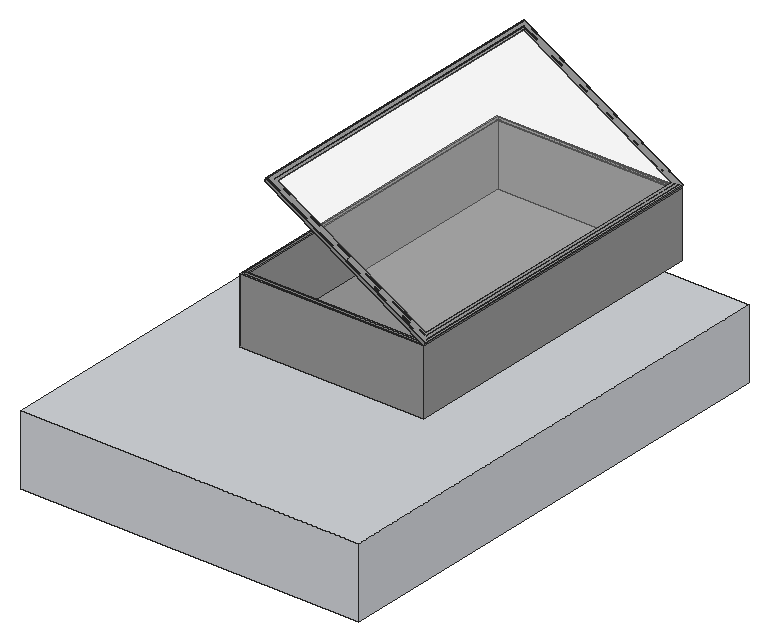
Revit family "Hager-Orion_Inox-IP66-D300-Cl.I-Inox_encl-630A-1400mm-CH-en", category Equipement électrique, Revit 2020
Family settings
  Hôte = Face
  Configuration du panneau = Deux colonnes, circuits au sein
  Cote de connecteur circulaire = Utiliser le diamètre
  Type d'élément = Tableau de raccordement
  Couper avec des vides une fois chargée = Non
  Partagée = Non
  Point de calcul de pièce = Non
Parameters (values of type "Surface mounted (plaster) IP66 W800 H1400 D300  - FL049TWL")
  Width Control [instance] = if([EF000008 - Width] > Min Width, [EF000008 - Width], Min Width)  # 800 mm
  Commentaires du type = [HG000003 - Range]  # "Orion Inox"
  Thickness Door [instance] = if([EF009171 - Material plate thickness door/cover] > 3 mm, 3 mm, [EF009171 - Material plate thickness door/cover])  # 1.5 mm
  Seal Frame Offset [instance] = 17 mm  # constant formula
  Model = ""
  Min Width [instance] = 100 mm  # constant formula
  Min Height [instance] = 100 mm  # constant formula
  Min Depth [instance] = (2 * [EF009170 - Material plate thickness cabinet]) + 1 mm  # 4 mm
  Internal Frame Depth [instance] = (Door System Depth * 0.5)  # 9 mm
  Height Control [instance] = if([EF000040 - Height] > Min Height, [EF000040 - Height], Min Height)  # 1400 mm
  HG000027 - Plinth height = 0 mm
  HG000026 - Floor standing = no
  HG000024 - Bottom section height = 800 mm
  HG000023 - Double section enclosure = no
  HG000016 - Door 3d visibility [instance] = yes
  HG000015 - Clearance visibility [instance] = no
  HG000014 - Door on the right [instance] = yes
  HG000013 - Door on the left [instance] = not([HG000014 - Door on the right])  # no
  HG000012 - Door swing angle [instance] = 30.00°
  HG000010 - Asymmetric doors = no
  HG000009 - Double swing door = no
  HG000006 - Flush mounted = no
  HG000004 - Manufacturer reference = "FL049TWL"
  HG000003 - Range = "Orion Inox"
  HG000002 - With door or cover = yes
  Frame Offset Bottom [instance] = 10 mm  # constant formula
  Frame Offset [instance] = 15 mm  # constant formula
  EF015940 - Cover with overpressure release = no
  EF011959 - Degree of protection (NEMA) = ""
  EF009554 - Number of openings for flange plates = 0
  EF009212 - Cover model = "EV000116 - Closed"
  EF009171 - Material plate thickness door/cover = 1.5 mm
  EF009170 - Material plate thickness cabinet = 1.5 mm
  Fabricant = "Hager"  # constant formula
  EF008873 - Nominal current (In) = 630 A
  EF007800 - Suitable for lightning protection = no
  EF006306 - With lock = yes
  EF006244 - Transparent cover/door = yes
  EF005474 - Degree of protection (IP) = "EV006422 - IP66"
  EF004464 - Type of door = "EV002646 - Single"
  EF004427 - Number of modules = 0
  EF004293 - Impact strength = "EV006814 - IK08"
  EF003532 - Suitable for outdoor use = yes
  EF002950 - Width in number of modular spacings = 0
  EF001613 - Circuit integrity = "EV000494 - None"
  EF001596 - Material housing = "EV000166 - Stainless steel"
  EF001131 - Internal depth = 266 mm
  EF001088 - Extension possible = yes
  EF000437 - Number of conduit inlets = 0
  EF000339 - Type of cover = "EV004216 - Door"
  EF000266 - Number of rows = 0
  EF000218 - Built-in depth = 0 mm
  EF000118 - With mounting plate = no
  EF000116 - RAL-number = ""
  EF000049 - Depth = 300 mm
  EF000040 - Height = 1400 mm
  EF000008 - Width = 800 mm
  EF000007 - Colour = "EV000154 - Other"
  EF000003 - Mounting method = "EV000384 - Surface mounted (plaster)"
  Door System Leaf Tolerance [instance] = 1.5 mm  # constant formula
  Door System Depth [instance] = 18 mm  # constant formula
  Depth Control [instance] = if([EF000049 - Depth] > Min Depth, [EF000049 - Depth], Min Depth)  # 300 mm
  Default Elevation = 0 mm
Types (4, lengths in mm): name | HG000004 - Manufacturer reference | EF006244 - Transparent cover/door | EF004293 - Impact strength
  Surface mounted (plaster) IP66 W800 H1400 D300  - FL049BW | "FL049BW" | no | "EV008784 - IK10"
  Surface mounted (plaster) IP66 W800 H1400 D300  - FL049BWL | "FL049BWL" | no | "EV008784 - IK10"
  Surface mounted (plaster) IP66 W800 H1400 D300  - FL049TW | "FL049TW" | yes | "EV006814 - IK08"
  Surface mounted (plaster) IP66 W800 H1400 D300  - FL049TWL | "FL049TWL" | yes | "EV006814 - IK08"
Reference planes
  plane 1 "Center (Front/Back)": y = 0
  plane 2: z = 0
  plane 3 "Center (Left/Right)": x = 0
  plane 4: z = 300
  plane 5: y = 1.5
  plane 6: y = 700
  plane 7: y = 0
  plane 8: y = 1400
  plane 9: z = 0
  plane 10: x = -385
  plane 11: x = 385
  plane 12: x = 383.5
  plane 13: x = -383.5
  plane 14: y = 1398.5
  plane 15: x = -383
  plane 16: x = -400
  plane 17: x = 383
  plane 18: x = 400
  plane 19: x = 398.5
  plane 20: x = -398.5
  plane 21: y = 11.5
  plane 22: y = 1400
  plane 23: y = 1383.5
  plane 24: z = 282
  plane 25: z = 1.5
  plane 26: z = 280.5
  plane 27: z = 298.5
Forms (mm)
  Extrusion 1, solid
    sketch origin (0, 0, 0) x (1, 0, 0) y (0, 1, 0)
      loop
        line (-702.964, 1305) -> (-702.964, -811.445) -> (766.763, -811.445) -> (766.763, 1305) -> (-702.964, 1305)
    from 0 to -304.8
  Extrusion 2, solid, material "Hager_Stainless_Steel", detail levels medium+fine
    sketch origin (0, 0, 0) x (1, 0, 0) y (0, 1, 0)
      loop
        line (-400, 0) -> (400, 0) -> (400, 1400) -> (-400, 1400) -> (-400, 0)
    from 0 to 282
  Extrusion 3, solid, material "Hager_Steel_RAL 7035_Light_Grey", not visible, detail levels medium+fine
    sketch origin (0, 28.16, 50.802) x (0, 1, 0) y (0, 0, 1)
      loop
        line (723.34, -50.802) -> (723.34, 237.698)
        arc (723.34, 237.698) -> (720.411, 244.769) -> (713.34, 247.698) r 10
        line (713.34, 247.698) -> (683.34, 247.698) -> (683.34, -50.802) -> (723.34, -50.802)
    from -398.5 to 398.5
  Extrusion 4, void
    sketch origin (0, 0, 0) x (1, 0, 0) y (0, 1, 0)
      loop
        line (-398.5, 1.5) -> (398.5, 1.5) -> (398.5, 1398.5) -> (-398.5, 1398.5) -> (-398.5, 1.5)
    from 1.5 to 280.5
  Extrusion 5, void
    sketch origin (-381.607, -4572, 282) x (0, -1, 0) y (-1, 0, 0)
      loop
        line (-4583.5, 1.893) -> (-5955.5, 1.893) -> (-5955.5, -765.107) -> (-4583.5, -765.107) -> (-4583.5, 1.893)
    from 0 to 1.5 <- "EF009170 - Material plate thickness cabinet"
  Extrusion 6, solid, material "Hager_Stainless_Steel", detail levels fine
    sketch origin (-381.607, -4572, 282) x (-1, 0, 0) y (0, -1, 0)
      loop
        line (1.893, -4583.5) -> (-765.107, -4583.5) -> (-765.107, -5955.5) -> (1.893, -5955.5) -> (1.893, -4583.5)
      loop
        line (2.893, -4582) -> (-766.107, -4582) -> (-766.107, -5957) -> (2.893, -5957) -> (2.893, -4582)
    from 0 to 9 <- "Internal Frame Depth"
  Extrusion 7, solid, material "Hager_Stainless_Steel", detail levels coarse
    sketch origin (0, 0, 0) x (1, 0, 0) y (0, 1, 0)
      loop
        line (-400, 0) -> (400, 0) -> (400, 1400) -> (-400, 1400) -> (-400, 0)
    from 0 to 300
Cuts and joins
  Extrusion 4, Extrusion 5 cuts Extrusion 2
Lines and regions (mm)
  Masking region 1
    outline origin (0, 0, 0) x (1, 0, 0) y (0, 0, 1)
      loop
        line (-400, 300) -> (-400, 0) -> (400, 0) -> (400, 300) -> (-400, 300)
  Masking region 2, detail levels medium+fine
    outline origin (0, 140, 0) x (0, 1, 0) y (0, 0, 1)
      loop
        line (-140, 0) -> (1260, 0) -> (1260, 282) -> (-140, 282) -> (-140, 0)
  Masking region 3, not visible, detail levels medium+fine
    outline origin (0, 297.922, 0) x (0, 1, 0) y (0, 0, 1)
      loop
        line (413.578, 0) -> (453.578, 0) -> (453.578, 288.5)
        arc (453.578, 288.5) -> (450.649, 295.571) -> (443.578, 298.5) r 10
        line (443.578, 298.5) -> (413.578, 298.5) -> (413.578, 0)
  Masking region 4, detail levels coarse
    outline origin (0, 0, 180) x (0, 1, 0) y (0, 0, 1)
      loop
        line (0, -180) -> (1400, -180) -> (1400, 120) -> (0, 120) -> (0, -180)
  Masking region 5
    outline origin (-381.607, -4572, 282) x (-1, 0, 0) y (0, -1, 0)
      loop
        line (18.393, -5972) -> (18.393, -4572) -> (-781.607, -4572) -> (-781.607, -5972) -> (18.393, -5972)
Dimensions and locks
  "Depth Control": plane 4 to Extrusion 1
  "EF009170 - Material plate thickness cabinet": plane 5 to plane 7
  locked: connector elem to plane 3 "Center (Left/Right)"
  equal spacing: plane 8, plane 6, plane 7
  locked: connector elem to plane 6
  "EF009170 - Material plate thickness cabinet": plane 8 to plane 14
  "EF009170 - Material plate thickness cabinet": plane 10 to plane 13
  "EF009170 - Material plate thickness cabinet": plane 12 to plane 11
  "Frame Offset": plane 20 to plane 13
  "Frame Offset": plane 12 to plane 19
  "EF009170 - Material plate thickness cabinet": plane 16 to plane 20
  "EF009170 - Material plate thickness cabinet": plane 19 to plane 18
  "Seal Frame Offset": plane 16 to plane 15
  "Seal Frame Offset": plane 17 to plane 18
  "Frame Offset Bottom": plane 21 to plane 5
  "Frame Offset": plane 14 to plane 23
  equal spacing: plane 16, plane 3 "Center (Left/Right)", plane 18
  "Width Control": plane 16 to plane 18
  "EF009170 - Material plate thickness cabinet": plane 4 to plane 27
  "EF009170 - Material plate thickness cabinet": plane 24 to plane 26
  "EF009170 - Material plate thickness cabinet": plane 25 to level
  "Door System Depth": plane 4 to plane 24
  "Height Control": plane 1 "Center (Front/Back)" to Extrusion 7 sketch curve
  "Height Control": Masking region 4 sketch curve to plane 1 "Center (Front/Back)"
  "Thickness Door": Extrusion 6 sketch curve to plane 15
  "Thickness Door": plane 21 to Extrusion 6 sketch curve
  "Thickness Door": plane 17 to Extrusion 6 sketch curve
  "Thickness Door": Extrusion 6 sketch curve to plane 23
  "Height Control": plane 1 "Center (Front/Back)" to plane 22
  radius of Masking region 3 sketch curve = 10 mm
  radius of Extrusion 3 sketch curve = 10 mm
  aligned and locked: plane 2 to Extrusion 1
  aligned and locked: level to Extrusion 1
  aligned and locked: level to Masking region 1 sketch curve
  aligned and locked: Masking region 1 sketch curve to plane 18
  aligned and locked: Masking region 1 sketch curve to plane 16
  aligned and locked: plane 7 to Masking region 2 sketch curve
  aligned and locked: level to Masking region 3 sketch curve
  aligned and locked: Masking region 3 sketch curve to plane 27
  aligned and locked: level to Masking region 2 sketch curve
  aligned and locked: Extrusion 2 sketch curve to plane 7
  aligned and locked: plane 16 to Extrusion 2 sketch curve
  aligned and locked: plane 18 to Extrusion 2 sketch curve
  aligned and locked: Extrusion 3 sketch curve to level
  aligned and locked: plane 27 to Extrusion 3 sketch curve
  aligned and locked: plane 20 to Extrusion 3
  aligned and locked: plane 19 to Extrusion 3
  aligned and locked: plane 20 to Extrusion 4 sketch curve
  aligned and locked: plane 19 to Extrusion 4 sketch curve
  aligned and locked: Extrusion 4 sketch curve to plane 5
  aligned and locked: Extrusion 4 to plane 25
  aligned and locked: plane 26 to Extrusion 4
  aligned and locked: plane 24 to Extrusion 2
  aligned and locked: Extrusion 5 sketch curve to plane 21
  aligned and locked: Extrusion 5 sketch curve to plane 13
  aligned and locked: Extrusion 5 sketch curve to plane 12
  aligned and locked: plane 18 to Extrusion 7 sketch curve
  aligned and locked: plane 1 "Center (Front/Back)" to Extrusion 7 sketch curve
  aligned and locked: plane 16 to Extrusion 7 sketch curve
  aligned and locked: plane 4 to Extrusion 7
  aligned and locked: Extrusion 7 to level
  aligned and locked: level to Masking region 4 sketch curve
  aligned and locked: Masking region 4 sketch curve to plane 1 "Center (Front/Back)"
  aligned and locked: Masking region 4 sketch curve to plane 4
  aligned and locked: nested 1 to level
  aligned and locked: nested 1 to plane 16
  aligned and locked: plane 8 to Extrusion 2 sketch curve
  aligned and locked: plane 23 to Extrusion 5 sketch curve
  aligned and locked: plane 14 to Extrusion 4 sketch curve
  aligned and locked: Extrusion 6 sketch curve to plane 21
  aligned and locked: plane 13 to Extrusion 6 sketch curve
  aligned and locked: plane 23 to Extrusion 6 sketch curve
  aligned and locked: plane 12 to Extrusion 6 sketch curve
  aligned and locked: Masking region 2 sketch curve to plane 8
  aligned and locked: Masking region 2 sketch curve to plane 24
  aligned and locked: nested 2 to plane 3 "Center (Left/Right)"
  aligned and locked: nested 2 to plane 24
  aligned and locked: Masking region 5 sketch curve to plane 1 "Center (Front/Back)"
  aligned and locked: Masking region 5 sketch curve to plane 18
  aligned and locked: Masking region 5 sketch curve to plane 22
  aligned and locked: Masking region 5 sketch curve to plane 16
  aligned and locked: plane 8 to plane 22
  aligned and locked: plane 7 to plane 1 "Center (Front/Back)"
  aligned and locked: nested 2 to plane 1 "Center (Front/Back)"
Automatic sketch dimensions
  Extrusion 1 sketch curve to Extrusion 1 sketch curve = 1469.727 mm
  Extrusion 1 sketch curve to Extrusion 1 sketch curve = 2116.445 mm
  plane 6 to Masking region 3 sketch curve = 11.5 mm
  Masking region 3 sketch curve to Masking region 3 sketch curve = 30 mm
  plane 6 to Extrusion 3 sketch curve = 11.5 mm
  Extrusion 3 sketch curve to Extrusion 3 sketch curve = 30 mm
  Masking region 1 sketch curve to plane 4 = 0 mm
Nested families
  nested 1: "Hager_Enclosure_Symbol" at (-400, 0, 0) x (1, 0, 0) z (0, -1, 0), Height <- "Depth Control", Width <- "Width Control", type "Hager_Enclosure_Symbol"
    with Width_Ctrl 800 mm, Width 800 mm, Height_Ctrl 300 mm, Height 300 mm, A_Width_Int 19.688 mm, A_Width 236.25 mm, A_Height_Ctrl 262.5 mm, A_Height 262.5 mm
  nested 2: "EC000058_OrionInox_Door" at (0, 1400, 282) x (1, 0, 0) z (0, -1, 0), Leaf_Tolerance <- "Door System Leaf Tolerance", Angle <- "HG000012 - Door swing angle", Door_Depth <- "Door System Depth", Door_Left <- "HG000013 - Door on the left", Transparent <- "EF006244 - Transparent cover/door", Assymetrical <- "HG000010 - Asymmetric doors", Width <- "Width Control", Clearance <- "HG000015 - Clearance visibility", Double <- "HG000009 - Double swing door", 3d_Door <- "HG000016 - Door 3d visibility", Width_Ctrl <- "Width Control", Door_Right <- "HG000014 - Door on the right", Door <- "HG000002 - With door or cover", Height <- "Height Control", Thickness <- "Thickness Door", type "EC000058_OrionInox_Door", detail levels medium+fine
    with min_wh 4 mm, Width_Ctrl 800 mm, Width 800 mm, Transparent yes, Thickness 1.5 mm, Seal_Material Hager_Rubber, Leaf_Width 800 mm, Leaf_Tolerance_External_Sides 0 mm, Leaf_Tolerance 1.5 mm, Leaf_Offset 0 mm, Leaf_Height 1397 mm, Leaf_2_Width 800 mm, Leaf_2_Offset 400 mm, Leaf_1_Width 800 mm, Leaf_1_Offset 400 mm, Height_Ctrl 1400 mm, Height 1400 mm, Glass_Material Hager_Glass, Double_Clearance_Ctrl no, Double no, Door_Right_Ctrl yes, Door_Right yes, Door_Material Hager_Stainless_Steel, Door_Left_Ctrl no, Door_Left no, Door_Depth 18 mm, Door yes, Clearance_Material Hager_Clearance, Clearance_Depth 800 mm, Clearance_Ctrl no, Clearance no, Assymetrical no, Angle 30.00°, 3d_Door yes
Connectors
  electrical at (0, 700, 0)
    settings: on plane 9, index 1, voltage 0 V, apparent load 0 VA, apparent load phase1 0 VA, apparent load phase2 0 VA, apparent load phase3 0 VA, power factor 1, load classification "Other", number of poles 1, system type 30, power factor state 1, is connector primary yes, connector utility no, sub classification motor no, connector description ""
Definition of nested family "EC000058_OrionInox_Door"
  Parameters (values of type "EC000058_OrionInox_Door")
    min_wh [instance] = (2 * Thickness) + 1 mm  # 11 mm
    Width_Ctrl [instance] = 400 mm
    Width [instance] = 500 mm
    Transparent [instance] = yes
    Thickness [instance] = 5 mm
    Seal_Material [instance] = none
    Leaf_Width [instance] = if((Width_Ctrl - 2 * Leaf_Tolerance_External_Sides) > 0 mm, (Width_Ctrl - 2 * Leaf_Tolerance_External_Sides), min_wh)  # 400 mm
    Leaf_Tolerance_External_Sides [instance] = 0 mm  # constant formula
    Leaf_Tolerance [instance] = 1.5 mm
    Leaf_Offset [instance] = 0 mm  # constant formula
    Leaf_Height [instance] = if((Height_Ctrl - 2 * Leaf_Tolerance) > 0 mm, (Height_Ctrl - 2 * Leaf_Tolerance), min_wh)  # 497 mm
    Leaf_2_Width [instance] = if(and(and(Double, Assymetrical), Door_Left), (Leaf_Width / 3) - (Leaf_Tolerance / 2), if(and(and(Double, Assymetrical), Door_Right), (Leaf_Width / 3) * 2 - (Leaf_Tolerance / 2), if(and(Double, not(Assymetrical)), (Leaf_Width / 2) - Leaf_Tolerance, Leaf_Width)))  # 400 mm
    Leaf_2_Offset [instance] = if(and(Double, Assymetrical), Leaf_2_Width / 2, if(and(Double, not(Assymetrical)), Leaf_Width / 4, Leaf_Width / 2))  # 200 mm
    Leaf_1_Width [instance] = if(and(and(Double, Assymetrical), Door_Right), (Leaf_Width / 3) - (Leaf_Tolerance / 2), if(and(and(Double, Assymetrical), Door_Left), (Width / 3) * 2 - (Leaf_Tolerance / 2), if(and(Double, not(Assymetrical)), (Leaf_Width / 2) - Leaf_Tolerance, Leaf_Width)))  # 400 mm
    Leaf_1_Offset [instance] = if(and(Double, Assymetrical), Leaf_1_Width / 2, if(and(Double, not(Assymetrical)), Leaf_Width / 4, Leaf_Width / 2))  # 200 mm
    Height_Ctrl [instance] = if(Height > min_wh, Height, min_wh)  # 500 mm
    Height [instance] = 500 mm
    Glass_Material [instance] = none
    Double_Clearance_Ctrl [instance] = and(Double, Clearance)  # no
    Double [instance] = no
    Door_Right_Ctrl [instance] = and(or(Door_Right, Double), Door)  # yes
    Door_Right [instance] = yes
    Door_Material [instance] = none
    Door_Left_Ctrl [instance] = and(or(Door_Left, Double), Door)  # no
    Door_Left [instance] = no
    Door_Depth [instance] = 30 mm
    Door [instance] = yes
    Default Elevation = 1219.2 mm
    Clearance_Material [instance] = none
    Clearance_Depth [instance] = if(Leaf_1_Width > Leaf_2_Width, Leaf_1_Width, Leaf_2_Width)  # 400 mm
    Clearance_Ctrl [instance] = and(not(Double), Clearance)  # yes
    Clearance [instance] = yes
    Assymetrical [instance] = yes
    Angle [instance] = 30.00°
    3d_Door [instance] = yes
  Reference planes
    plane 1 "Center (Front/Back)": y = 0
    plane 2 "Bottom": z = 0
    plane 3 "Center (Left/Right)": x = 0
    plane 4: z = 500
    plane 5: x = -200
    plane 6: x = 200
    plane 7: z = 500
    plane 8: x = -200
    plane 9: z = 0
    plane 10: x = 200
    plane 11: y = 0
    plane 12: z = 1.5
    plane 13: x = -600
    plane 14: y = -400
    plane 15: x = 600
    plane 16: x = 0
    plane 17: x = 0
    plane 18: x = -200
    plane 19: x = 200
    plane 20: z = 498.5
  Forms (mm)
    Extrusion 1, solid, material <- "Clearance_Material", visible <- "Double_Clearance_Ctrl"
      sketch origin (1200, 0, 0) x (1, 0, 0) y (0, 0, -1)
        loop
          line (-1800, -498.5) -> (-600, -498.5) -> (-600, 0) -> (-1800, 0) -> (-1800, -498.5)
      from 0 to -400
  Dimensions and locks
    equal spacing: plane 5, plane 3 "Center (Left/Right)", plane 6
    "Width_Ctrl": plane 5 to plane 6
    "Leaf_Offset": plane 5 to plane 8
    "Leaf_Offset": plane 6 to plane 10
    "Leaf_Offset": plane 9 to level
    "Leaf_Offset": plane 4 to plane 7
    "Height_Ctrl": plane 4 to level
    "Leaf_Tolerance": plane 12 to plane 9
    locked: plane 11 to plane 1 "Center (Front/Back)"
    "Leaf_1_Offset": plane 18 to plane 16
    "Leaf_2_Offset": plane 17 to plane 19
    "Leaf_1_Width": plane 13 to plane 8
    "Leaf_2_Width": plane 10 to plane 15
    "Clearance_Depth": plane 14 to plane 1 "Center (Front/Back)"
    "Leaf_Tolerance_External_Sides": plane 8 to plane 18
    "Leaf_Tolerance_External_Sides": plane 19 to plane 10
    "Leaf_Tolerance": plane 7 to plane 20
    aligned and locked: level to plane 2 "Bottom"
    aligned and locked: nested 1 to plane 16
    aligned and locked: nested 2 to plane 17
    aligned and locked: Extrusion 1 to plane 13
    aligned and locked: plane 15 to Extrusion 1
    aligned and locked: Extrusion 1 to plane 14
    aligned and locked: plane 12 to nested 1
    aligned and locked: nested 2 to plane 12
    aligned and locked: Extrusion 1 to plane 11
    aligned and locked: plane 20 to Extrusion 1
    aligned and locked: nested 2 to plane 11
    aligned and locked: nested 1 to plane 11
  Automatic sketch dimensions
    Extrusion 1 sketch curve to level = 0 mm
    plane 5 to Extrusion 1 sketch curve = 400 mm
    plane 6 to Extrusion 1 sketch curve = 400 mm
    Extrusion 1 sketch curve to plane 4 = 1.5 mm
  Nested families
    nested 1: "EC000058_OrionInox_Door_Leaf" at (0, 0, 1.5), Width <- "Leaf_1_Width", visible <- "Door_Left_Ctrl", Leaf_Height <- "Leaf_Height", Angle <- "Angle", 3d_Door <- "3d_Door", Transparent <- "Transparent", Clearance Material <- "Clearance_Material", Clearance <- "Clearance_Ctrl", Door_Material <- "Door_Material", Glass_Material <- "Glass_Material", Door_Depth <- "Door_Depth", Seal_Material <- "Seal_Material", Thickness <- "Thickness", type "EC000058_OrionInox_Door_Leaf"
      with Width 400 mm, Transparent_Ctrl yes, Transparent yes, Thickness 5 mm, Standard no, Seal_Material none, Seal_D2 8 mm, Seal_D1 1 mm, Offset_Internal_Frame 10 mm, Lock_Width 28 mm, Lock_Thickness 2 mm, Lock_Radius 6 mm, Leaf_Height 497 mm, Internal_Seal_Thickness 8 mm, Internal_Seal_Depth_2 4.5 mm, Internal_Frame_Depth 25 mm, Glass_Thickness -1 mm, Glass_Offset -2 mm, Glass_Material none, Door_Material none, Door_Depth 30 mm, Clearance Material none, Clearance yes, Angle_Ctrl 30.00°, Angle 30.00°, 3d_Door yes
    nested 2: "EC000058_OrionInox_Door_Leaf" at (0, 0, 1.5) x (-1, 0, 0) z (0, 0, 1), Width <- "Leaf_2_Width", visible <- "Door_Right_Ctrl", Leaf_Height <- "Leaf_Height", Angle <- "Angle", 3d_Door <- "3d_Door", Transparent <- "Transparent", Clearance Material <- "Clearance_Material", Clearance <- "Clearance_Ctrl", Door_Material <- "Door_Material", Glass_Material <- "Glass_Material", Door_Depth <- "Door_Depth", Seal_Material <- "Seal_Material", Thickness <- "Thickness", type "EC000058_OrionInox_Door_Leaf"
      with Width 400 mm, Transparent_Ctrl yes, Transparent yes, Thickness 5 mm, Standard no, Seal_Material none, Seal_D2 8 mm, Seal_D1 1 mm, Offset_Internal_Frame 10 mm, Lock_Width 28 mm, Lock_Thickness 2 mm, Lock_Radius 6 mm, Leaf_Height 497 mm, Internal_Seal_Thickness 8 mm, Internal_Seal_Depth_2 4.5 mm, Internal_Frame_Depth 25 mm, Glass_Thickness -1 mm, Glass_Offset -2 mm, Glass_Material none, Door_Material none, Door_Depth 30 mm, Clearance Material none, Clearance yes, Angle_Ctrl 30.00°, Angle 30.00°, 3d_Door yes
  Definition of nested family "EC000058_OrionInox_Door_Leaf"
    Parameters (values of type "EC000058_OrionInox_Door_Leaf")
      Width [instance] = 450 mm
      Transparent_Ctrl [instance] = and(Transparent, [3d_Door])  # yes
      Transparent [instance] = yes
      Thickness [instance] = 5 mm
      Standard [instance] = and(not(Transparent), [3d_Door])  # no
      Seal_Material [instance] = none
      Seal_D2 [instance] = 8 mm  # constant formula
      Seal_D1 [instance] = 1 mm  # constant formula
      Offset_Internal_Frame [instance] = 10 mm  # constant formula
      Lock_Width [instance] = Door_Depth - Lock_Thickness  # 28 mm
      Lock_Thickness [instance] = 2 mm  # constant formula
      Lock_Radius [instance] = 6 mm  # constant formula
      Leaf_Height [instance] = 450 mm
      Internal_Seal_Thickness [instance] = 8 mm  # constant formula
      Internal_Seal_Depth_2 [instance] = 4.5 mm  # constant formula
      Internal_Frame_Depth [instance] = if(Door_Depth - Thickness > 5 mm, Door_Depth - Thickness, 5 mm)  # 25 mm
      Glass_Thickness [instance] = if(Thickness > 15 mm, Glass_Offset + 10 mm, -1 mm)  # -1 mm
      Glass_Offset [instance] = if(Thickness > 15 mm, -(Thickness + 10 mm) / 2, -2 mm)  # -2 mm
      Glass_Material [instance] = none
      Door_Material [instance] = none
      Door_Depth [instance] = 30 mm
      Default Elevation = 0 mm
      Clearance Material [instance] = none
      Clearance [instance] = yes
      Angle_Ctrl [instance] = if(Angle > 180.00°, 180.00°, Angle)  # 90.00°
      Angle [instance] = 90.00°
      3d_Door [instance] = yes
    Reference planes
      plane 1 "Center (Front/Back)": y = 0
      plane 2: z = 0
      plane 3 "Center (Left/Right)": x = 0
      plane 4: y = 450
      plane 5: x = -225
      plane 6: x = 225
      plane 7: x = -675
      plane 8: z = 450
      plane 9: z = 30
      plane 10: z = 420
      plane 11: x = 195
      plane 12: x = -195
      plane 13: y = -3
      plane 14: z = 107.833
      plane 15: y = -5
      plane 16: y = -223.314
      plane 17: x = -225
      plane 18: y = 30
    Forms (mm)
      Extrusion 1, solid, material <- "Clearance Material", visible <- "Clearance"
        sketch origin (0, 0, 0) x (1, 0, 0) y (0, 0, 1)
          loop
            line (-675, 450) -> (-675, 0) -> (225, 0) -> (225, 450) -> (-675, 450)
        from 0 to -450
      Extrusion 2, solid, material <- "Door_Material", visible <- "Standard", detail levels medium+fine
        sketch origin (-225, 0, 0) x (0, 1, 0) y (-1, 0, 0)
          loop
            line (0, 30) -> (0, 25) -> (450, 25) -> (450, 30) -> (0, 30)
        from 0 to 450 <- "Leaf_Height"
      Extrusion 3, solid, material <- "Door_Material", visible <- "Transparent_Ctrl", detail levels medium+fine
        sketch origin (-225, 0, 0) x (0, 1, 0) y (-1, 0, 0)
          loop
            line (0, 25) -> (450, 25) -> (450, 30) -> (0, 30) -> (0, 25)
        from 0 to 450 <- "Leaf_Height"
      Extrusion 4, void
        sketch origin (-250, 450, 0) x (0, 1, 0) y (0, 0, -1)
          loop
            line (-30, -420) -> (-30, -30) -> (-420, -30) -> (-420, -420) -> (-30, -420)
        from 0 to 5 <- "Thickness"
      Sweep 5, solid, material <- "Seal_Material", visible <- "Transparent_Ctrl", detail levels fine
        path in 3D
          loop
            line (-250, 30, 30) -> (-250, 30, 420) -> (-250, 420, 420) -> (-250, 420, 30) -> (-250, 30, 30)
        profile origin (-250, 225, 30) x (1, 0, 0) y (0, 0, 1)
          loop
            line (0, 0) -> (0, -8) -> (1, -8) -> (1, 0) -> (0, 0)
      Extrusion 6, solid, material <- "Glass_Material", visible <- "Transparent_Ctrl", detail levels medium+fine
        sketch origin (-255, 0, 0) x (0, 1, 0) y (0, 0, -1)
          loop
            line (420, -420) -> (420, -30) -> (30, -30) -> (30, -420) -> (420, -420)
        from -2 <- "Glass_Offset" to -1 <- "Glass_Thickness"
      Extrusion 7, solid, material <- "Door_Material", visible <- "3d_Door", detail levels medium+fine
        sketch origin (-250, 450, 0) x (0, -1, 0) y (0, 0, -1)
          loop
            line (0, -450) -> (450, -450) -> (450, 0) -> (0, 0) -> (0, -450)
          loop
            line (445, -5) -> (5, -5) -> (5, -445) -> (445, -445) -> (445, -5)
        from 0 to 25 <- "Internal_Frame_Depth"
      Sweep 8, solid, material <- "Seal_Material", visible <- "Transparent_Ctrl", detail levels fine
        path in 3D
          loop
            line (-250, 0, 0) -> (-250, 450, 0) -> (-250, 450, 450) -> (-250, 0, 450) -> (-250, 0, 0)
        profile origin (-250, 0, 225) x (1, 0, 0) y (0, 1, 0)
          loop
            line (0, 10) -> (2.975, 10)
            arc (2.975, 10) -> (4.053, 10.447) -> (4.5, 11.525) r 1.525
            line (4.5, 11.525) -> (4.5, 16.527)
            arc (4.5, 16.527) -> (4.069, 17.569) -> (3.027, 18) r 1.473
            line (3.027, 18) -> (0, 18) -> (0, 10)
    Cuts and joins
      Extrusion 4 cuts Extrusion 3
    Lines and regions (mm)
      Masking region 1, detail levels medium+fine
        outline origin (0, 0, 0) x (0, 1, 0) y (0, 0, 1)
          loop
            line (0, 0) -> (30, 0) -> (30, 450) -> (0, 450) -> (0, 0)
      Masking region 2, detail levels medium+fine
        outline origin (0, 0, 0) x (1, 0, 0) y (0, 0, 1)
          loop
            line (-225, 450) -> (-225, 0) -> (225, 0) -> (225, 450) -> (-225, 450)
      symbolic lines
        curve 1: line (225, 0, 0) -> (-675, 0, 0)
        curve 2: arc (225, 0, 0) -> (-225, 450, 0) -> (-675, 0, 0) r 450
        curve 4: line (-255, 0, 0) -> (-255, 450, 0)
      reference lines
        curve 3: line (-225, 0, 0) -> (-225, 450, 0)
      symbolic lines, detail levels medium+fine
        curve 5: line (-255, 450, 0) -> (-250, 450, 0)
        curve 7: line (-250, 0, 0) -> (-255, 0, 0)
        curve 8: line (-250, 0, 0) -> (-225, 0, 0)
        curve 9: line (-225, 0, 0) -> (-225, 450, 0)
        curve 10: line (-225, 450, 0) -> (-250, 450, 0)
      symbolic lines, detail levels fine
        curve 6: line (-250, 450, 0) -> (-250, 0, 0)
      sketch lines
        curve 11: line (-250, 0, 450) -> (-250, 0, 0)
        curve 12: line (-250, 450, 0) -> (-250, 0, 0)
        curve 13: line (-250, 450, 450) -> (-250, 450, 0)
        curve 14: line (-250, 0, 450) -> (-250, 450, 450)
        curve 15: line (-250, 420, 30) -> (-250, 30, 30)
        curve 16: line (-250, 30, 30) -> (-250, 30, 420)
        curve 17: line (-250, 420, 420) -> (-250, 420, 30)
        curve 18: line (-250, 30, 420) -> (-250, 420, 420)
      symbolic lines, visible <- "Transparent", detail levels medium+fine
        curve 19: line (-195, 0, 420) -> (195, 0, 420)
        curve 20: line (-195, 0, 30) -> (-195, 0, 420)
        curve 21: line (195, 0, 30) -> (-195, 0, 30)
        curve 22: line (195, 0, 420) -> (195, 0, 30)
    Dimensions and locks
      "Width": plane 1 "Center (Front/Back)" to plane 4
      equal spacing: plane 5, plane 3 "Center (Left/Right)", plane 6
      "Width": plane 5 to plane 6
      "Width": plane 7 to plane 5
      "Leaf_Height": plane 8 to level
      "Width": curve 5 to curve 3
      "Width": curve 3 to curve 3
      plane 8 to plane 10 = 30 mm
      plane 9 to level = 30 mm
      plane 12 to plane 5 = 30 mm
      plane 6 to plane 11 = 30 mm
      Extrusion 4 sketch curve to Extrusion 3 = 30 mm
      Extrusion 3 to Extrusion 4 sketch curve = 30 mm
      Extrusion 1 to Extrusion 4 sketch curve = 30 mm
      curve 3 to Extrusion 4 sketch curve = 30 mm
      Extrusion 4 sketch curve to cut or joined group of Extrusion 3, Extrusion 4 = 30 mm
      cut or joined group of Extrusion 3, Extrusion 4 to Extrusion 6 sketch curve = 30 mm
      cut or joined group of Extrusion 3, Extrusion 4 to Extrusion 4 sketch curve = 30 mm
      "Thickness": curve 6 to curve 4
      "Thickness": Extrusion 7 sketch curve to Extrusion 7 sketch curve  (x4)
      "Door_Depth": curve 4 to curve 3
      "Offset_Internal_Frame": profile plane to Sweep 8 sketch curve
      "Internal_Seal_Thickness": Sweep 8 sketch curve to Sweep 8 sketch curve
      "Internal_Seal_Depth_2": profile plane to Sweep 8 sketch curve
      "Seal_D1": profile plane to Sweep 5 sketch curve
      "Seal_D2": profile plane to Sweep 5 sketch curve
      "Thickness": Extrusion 2 sketch curve to Extrusion 2 sketch curve
      "Door_Depth": plane 18 to plane 1 "Center (Front/Back)"
      radius of Sweep 8 sketch curve = 1.525 mm
      radius of Sweep 8 sketch curve = 1.473 mm
      "Angle_Ctrl": angle plane 1 "Center (Front/Back)" to curve 3
      aligned and locked: level to plane 2
      aligned and locked: Extrusion 1 to curve 1
      aligned and locked: plane 6 to Extrusion 1
      aligned and locked: plane 1 "Center (Front/Back)" to Extrusion 1
      aligned and locked: plane 4 to Extrusion 1
      aligned and locked: plane 8 to Extrusion 1
      aligned and locked: curve 7 to Extrusion 2 sketch curve
      aligned and locked: curve 5 to Extrusion 2 sketch curve
      aligned and locked: curve 7 to Extrusion 3 sketch curve
      aligned and locked: Extrusion 3 sketch curve to curve 4
      aligned and locked: Extrusion 3 sketch curve to curve 6
      aligned and locked: Extrusion 3 sketch curve to curve 5
      aligned and locked: curve 9 to curve 3
      aligned and locked: Extrusion 7 sketch curve to cut or joined group of Extrusion 3, Extrusion 4  (x4)
      aligned and locked: plane 17 to curve 3
      aligned and locked: plane 1 "Center (Front/Back)" to curve 3
      aligned and locked: plane 17 to plane 5
      aligned and locked: Sweep 8 sketch curve to profile plane
      aligned and locked: Sweep 5 sketch curve to profile plane  (x2)
      aligned and locked: plane 1 "Center (Front/Back)" to Masking region 1 sketch curve
      aligned and locked: plane 18 to Masking region 1 sketch curve
      aligned and locked: level to Masking region 1 sketch curve
      aligned and locked: Masking region 1 sketch curve to plane 8
      aligned and locked: plane 17 to Masking region 2 sketch curve
      aligned and locked: level to Masking region 2 sketch curve
      aligned and locked: Masking region 2 sketch curve to plane 8
      aligned and locked: plane 12 to curve 20
      aligned and locked: plane 10 to curve 19
      aligned and locked: plane 11 to curve 22
      aligned and locked: plane 9 to curve 21
      aligned and locked: Extrusion 2 sketch curve to cut or joined group of Extrusion 3, Extrusion 4
    Automatic sketch dimensions
      plane 1 "Center (Front/Back)" to curve 2 = 0 mm
      curve 2 to plane 5 = 0 mm
      Extrusion 1 sketch curve to level = 0 mm
      Extrusion 1 sketch curve to plane 7 = 0 mm
      Extrusion 1 sketch curve to plane 6 = 0 mm
      Extrusion 1 sketch curve to plane 8 = 0 mm
      Extrusion 3 to Extrusion 6 sketch curve = 30 mm  (x4)
      Masking region 2 sketch curve to plane 6 = 0 mm
      curve 4 to curve 3 = 0 mm
Definition of nested family "Hager_Enclosure_Symbol"
  Parameters (values of type "Hager_Enclosure_Symbol")
    Width_Ctrl [instance] = if(Width > 1 mm, Width, 1 mm)  # 102.27 mm
    Width [instance] = 102.27 mm
    Height_Ctrl [instance] = if(Height > 1 mm, Height, 1 mm)  # 66.5 mm
    A_Width_Int [instance] = if(A_Width / 12 > 2 mm, A_Width / 12, 2 mm)  # 4.364 mm
    A_Width [instance] = if(A_Height_Ctrl * 0.9 > 2 mm, A_Height_Ctrl * 0.9, 2 mm)  # 52.369 mm
    A_Height_Ctrl [instance] = if(A_Height > 2 mm, A_Height, 2 mm)  # 58.188 mm
    Height [instance] = 66.5 mm
    A_Height [instance] = Height - (Height / 8)  # 58.188 mm
  Reference planes
    plane 1 "Centre (avant/arrière)": y = 0
    plane 2: z = 0
    plane 3 "Centre (gauche/droite)": x = 0
    plane 4: x = 52.369
    plane 5: y = 33.042
    plane 6: y = 41.77
    plane 7: y = 66.5
    plane 8: x = 26.184
    plane 9: y = 37.406
    plane 10: x = 102.27
    plane 11: y = 66.5
    plane 12: y = 8.313
  Lines and regions (mm)
    Filled region 1, type "Solid_Black", in view "Niveau de réf."
      outline origin (0, 0, 0) x (1, 0, 0) y (0, 1, 0)
        loop
          line (52.369, 66.5) -> (33.188, 54.536) -> (45.365, 45.006) -> (52.369, 66.5)
    Filled region 2, type "Solid_Black", in view "Niveau de réf."
      outline origin (0, 0, 0) x (1, 0, 0) y (0, 1, 0)
        loop
          line (0, 0) -> (102.27, 0) -> (102.27, 66.5) -> (0, 0)
    detail lines, in view "Niveau de réf."
      curve 1: line (0, 8.313, 0) -> (26.184, 41.77, 0)
      curve 2: line (26.184, 41.77, 0) -> (26.184, 33.042, 0)
      curve 3: line (26.184, 33.042, 0) -> (52.369, 66.5, 0)
  Dimensions and locks
    "A_Width": plane 3 "Centre (gauche/droite)" to plane 4
    equal spacing: plane 3 "Centre (gauche/droite)", plane 8, plane 4
    equal spacing: plane 6, plane 9, plane 5
    equal spacing: curve 3, Filled region 1 sketch curve, Filled region 1 sketch curve
    "Height_Ctrl": plane 1 "Centre (avant/arrière)" to plane 11
    "A_Height_Ctrl": plane 11 to plane 12
    equal spacing: plane 11, plane 9, plane 12
    "A_Width_Int": plane 6 to plane 9
    "Width_Ctrl": plane 3 "Centre (gauche/droite)" to plane 10
    angle Filled region 1 sketch curve to curve 3 = 20.00°
    angle curve 3 to Filled region 1 sketch curve = 20.00°
    locked: curve 3 to Filled region 1 sketch curve (angle 90.00°)
    aligned and locked: plane 10 to Filled region 2
    aligned and locked: plane 11 to Filled region 2 sketch curve
    aligned and locked: plane 10 to Filled region 2 sketch curve
    aligned and locked: plane 3 "Centre (gauche/droite)" to curve 1
    aligned and locked: plane 12 to curve 1
    aligned and locked: plane 7 to plane 11
  Automatic sketch dimensions
    Filled region 1 sketch curve to plane 4 = 0 mm
    Filled region 1 sketch curve to plane 7 = 0 mm
    plane 1 "Centre (avant/arrière)" to Filled region 2 sketch curve = 0 mm
    Filled region 2 sketch curve to plane 3 "Centre (gauche/droite)" = 0 mm
    curve 2 to plane 6 = 0 mm
    curve 2 to plane 8 = 0 mm
    curve 3 to plane 4 = 0 mm
    curve 2 to plane 5 = 0 mm
    curve 3 to plane 7 = 0 mm
